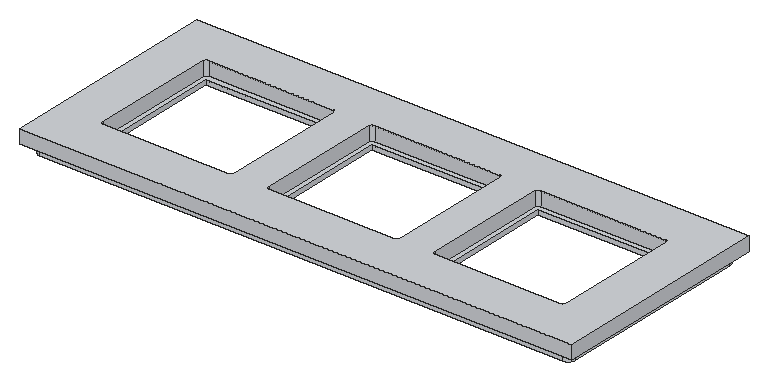
Revit family "Gira_0213223", category Electrical Fixtures, host Face, Revit 2017
Family settings
  Host = Face
  Maintain Annotation Orientation = No
  Round Connector Dimension = Use Diameter
  Part Type = Normal
  Cut with Voids When Loaded = No
  Shared = No
  Room Calculation Point = No
Parameters (values of type "Abdeckrahmen 3f Gira Esprit Lin.Mpx.Dklbraun")
  Werkstoffgüte = "sonstige"
  Werkstoff = "sonstige"
  URL = "http://katalog.gira.de/de_DE/datenblatt.html?artikelnr=0213223"
  Transparent = "No"
  Textfeld/Beschriftungsfläche = "No"
  Schutzart (IP) = "IP20"
  Region = "DE"
  Oberfläche = "sonstige"
  Name = "Abdeckrahmen 3f Gira Esprit Lin.Mpx.Dklbraun"
  Montagerichtung = "horizontal und vertikal"
  Mit Montagerahmen = "No"
  Mit Klappdeckel = "No"
  Manufacturer URL = "https://www.gira.de/"
  Keynote = "Espr._Rahmen_3fach"
  HeinzeBIM = "https://bimportal.heinze.de/bim/abdeckrahmen-3f-gira-esprit-lin-mpx-dklbraun/787f413d3fdfe0723a4d6c2187a7ae669dcc21ab"
  Halogenfrei = "No"
  HAN = "0213223"
  Geeignet für Unterputz-Installation = "Yes"
  Geeignet für Unterflurkanaldose = "No"
  Geeignet für Geräteeinbaukanal = "No"
  Geeignet für Einbauinstallation = "No"
  GTIN = "4010337015956"
  Farbe = "sonstige"
  Default Elevation = 1219.2 mm
  Data sheet (1) = "https://katalog.gira.de/de_DE/download.html?artikelnr=0213223"
  Category = "Abdeckrahmen"
  Befestigungsart = "Klemmbefestigung"
  Available = "Yes"
  Anzahl der Einheiten vertikal = "3 "
  Anzahl der Einheiten horizontal = "3 "
  Anzahl der Einheiten = "3 "
Reference planes
  plane 1 "Center (Front/Back)": y = 0
  plane 2: z = 0
  plane 3 "Center (Left/Right)": x = 0
Forms (mm)
  Extrusion 1, solid, detail levels fine
    sketch origin (0, 0, 0) x (1, 0, 0) y (0, 1, 0)
      loop
        line (-118.4, 47.5) -> (-118.4, -47.5) -> (118.4, -47.5) -> (118.4, 47.5) -> (-118.4, 47.5)
      loop
        arc (-99.5, -26.7) -> (-99.061, -27.761) -> (-98, -28.2) r 1.5
        line (-98, -28.2) -> (-44.6, -28.2)
        arc (-44.6, -28.2) -> (-43.539, -27.761) -> (-43.1, -26.7) r 1.5
        line (-43.1, -26.7) -> (-43.1, 26.7)
        arc (-43.1, 26.7) -> (-43.539, 27.761) -> (-44.6, 28.2) r 1.5
        line (-44.6, 28.2) -> (-98, 28.2)
        arc (-98, 28.2) -> (-99.061, 27.761) -> (-99.5, 26.7) r 1.5
        line (-99.5, 26.7) -> (-99.5, -26.7)
      loop
        arc (-28.2, -26.7) -> (-27.761, -27.761) -> (-26.7, -28.2) r 1.5
        line (-26.7, -28.2) -> (26.7, -28.2)
        arc (26.7, -28.2) -> (27.761, -27.761) -> (28.2, -26.7) r 1.5
        line (28.2, -26.7) -> (28.2, 26.7)
        arc (28.2, 26.7) -> (27.761, 27.761) -> (26.7, 28.2) r 1.5
        line (26.7, 28.2) -> (-26.7, 28.2)
        arc (-26.7, 28.2) -> (-27.761, 27.761) -> (-28.2, 26.7) r 1.5
        line (-28.2, 26.7) -> (-28.2, -26.7)
      loop
        arc (43.1, -26.7) -> (43.539, -27.761) -> (44.6, -28.2) r 1.5
        line (44.6, -28.2) -> (98, -28.2)
        arc (98, -28.2) -> (99.061, -27.761) -> (99.5, -26.7) r 1.5
        line (99.5, -26.7) -> (99.5, 26.7)
        arc (99.5, 26.7) -> (99.061, 27.761) -> (98, 28.2) r 1.5
        line (98, 28.2) -> (44.6, 28.2)
        arc (44.6, 28.2) -> (43.539, 27.761) -> (43.1, 26.7) r 1.5
        line (43.1, 26.7) -> (43.1, -26.7)
    from 0 to 6
  Extrusion 2, solid, detail levels fine
    sketch origin (0, 0, 0) x (1, 0, 0) y (0, 1, 0)
      loop
        line (-97.2, -25.7) -> (-45.4, -25.7) -> (-45.4, 25.7) -> (-97.2, 25.7) -> (-97.2, -25.7)
      loop
        line (97.2, 25.7) -> (45.4, 25.7) -> (45.4, -25.7) -> (97.2, -25.7) -> (97.2, 25.7)
      loop
        arc (-114.002, -41.3) -> (-113.474, -42.573) -> (-112.202, -43.1) r 1.8
        line (-112.202, -43.1) -> (112.202, -43.1)
        arc (112.202, -43.1) -> (113.474, -42.573) -> (114.002, -41.3) r 1.8
        line (114.002, -41.3) -> (114.002, 41.3)
        arc (114.002, 41.3) -> (113.474, 42.573) -> (112.202, 43.1) r 1.8
        line (112.202, 43.1) -> (-112.202, 43.1)
        arc (-112.202, 43.1) -> (-113.474, 42.573) -> (-114.002, 41.3) r 1.8
        line (-114.002, 41.3) -> (-114.002, -41.3)
      loop
        line (25.9, 25.7) -> (-25.9, 25.7) -> (-25.9, -25.7) -> (25.9, -25.7) -> (25.9, 25.7)
    from -1.9 to 0
  Extrusion 3, solid, detail levels fine
    sketch origin (0, 0, 0) x (1, 0, 0) y (0, 1, 0)
      loop
        arc (-112.3, 44.4) -> (-114.421, 43.521) -> (-115.3, 41.4) r 3
        line (-115.3, 41.4) -> (-115.3, -41.4)
        arc (-115.3, -41.4) -> (-114.421, -43.521) -> (-112.3, -44.4) r 3
        line (-112.3, -44.4) -> (112.3, -44.4)
        arc (112.3, -44.4) -> (114.421, -43.521) -> (115.3, -41.4) r 3
        line (115.3, -41.4) -> (115.3, 41.4)
        arc (115.3, 41.4) -> (114.421, 43.521) -> (112.3, 44.4) r 3
        line (112.3, 44.4) -> (-112.3, 44.4)
      loop
        arc (-114.1, -41.4) -> (-113.573, -42.673) -> (-112.3, -43.2) r 1.8
        line (-112.3, -43.2) -> (112.3, -43.2)
        arc (112.3, -43.2) -> (113.573, -42.673) -> (114.1, -41.4) r 1.8
        line (114.1, -41.4) -> (114.1, 41.4)
        arc (114.1, 41.4) -> (113.573, 42.673) -> (112.3, 43.2) r 1.8
        line (112.3, 43.2) -> (-112.3, 43.2)
        arc (-112.3, 43.2) -> (-113.573, 42.673) -> (-114.1, 41.4) r 1.8
        line (-114.1, 41.4) -> (-114.1, -41.4)
    from -3.7 to 0
  Extrusion 4, solid, detail levels medium
    sketch origin (0, 0, 0) x (1, 0, 0) y (0, 1, 0)
      loop
        line (-118.4, 47.5) -> (-118.4, -47.5) -> (118.4, -47.5) -> (118.4, 47.5) -> (-118.4, 47.5)
    from 0 to 6
  Extrusion 5, solid, detail levels medium
    sketch origin (0, 0, 0) x (1, 0, 0) y (0, 1, 0)
      loop
        line (-115.3, 44.4) -> (-115.3, -44.4) -> (115.3, -44.4) -> (115.3, 44.4) -> (-115.3, 44.4)
    from -3.7 to 0
  Extrusion 6, solid, detail levels coarse
    sketch origin (0, 0, 0) x (1, 0, 0) y (0, 1, 0)
      loop
        line (-118.4, 47.5) -> (-118.4, -47.5) -> (118.4, -47.5) -> (118.4, 47.5) -> (-118.4, 47.5)
    from -3.7 to 6
Dimensions and locks
  aligned and locked: plane 2 to host face
  aligned and locked: level to host face
